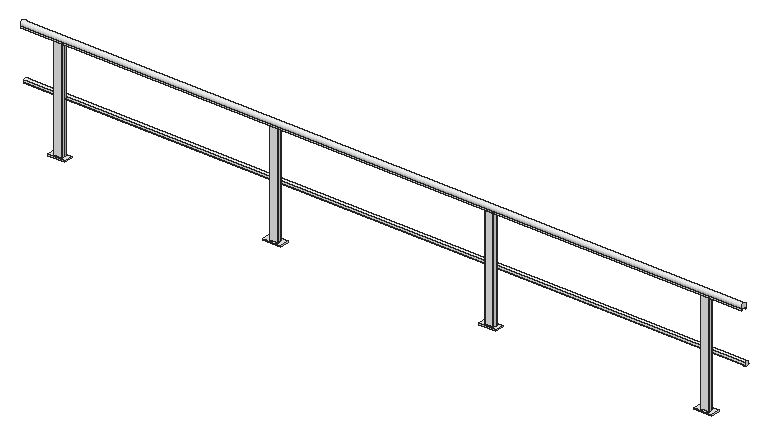
Revit family "Guardrail_Kattsafe_TopMount_HeavyDuty", category Specialty Equipment, Revit 2025
Family settings
  Round Connector Dimension = Use Diameter
  Part Type = Normal
  OmniClass Number = 23.17.25.11
  Enable Cutting in Views = No
  Cut with Voids When Loaded = No
  Maintain Annotation Orientation = No
  Shared = No
  Room Calculation Point = No
Parameters (values of type "Type 1")
  Uniclass2015Version = "Products v1.23"
  Uniclass2015Title = "Aluminium handrails"
  Uniclass2015Code = "Pr_25_30_36_03"
  URL = "https://kattsafe.com.au/"
  Type IFC Predefined Type = "GUARDRAIL"
  Type Comments = "Guardrail - Top Mount - Heavy Duty"
  SafetyDisclaimer [instance] = "WARNING! The correct placement of access, fall protection and facade maintenance systems is critical to ensure it is fit-for-purpose and safe for the operator to use. Did you know Kattsafe® have a dedicated team of Height Safety System Design Specialists? Kattsafe® provide one-on-one consultation and system design assistance to ensure you are meeting the stringent requirements of height safety and to give you PEACE OF MIND with your project."  # constant formula
  RailClosureBendEnd2 [instance] = no
  RailClosureBendEnd1 [instance] = no
  PostsSingleOption [instance] = if(and(([built-in parameter 1001306] - 80 mm - (PostsOffsetLength * 2)) < 1 mm, ([built-in parameter 1001306] - 80 mm) > 1999 mm), 1 > 0, 1 < 0)  # no
  PostsActualNumberOf [instance] = PostsOffsetLengthCalc3  # 4
  PostsOffsetLengthCalc3 [instance] = if(PostsOffsetLengthCalc > PostsOffsetLengthCalc2, rounddown(PostsOffsetLengthCalc2), PostsOffsetLengthCalc)  # 4
  PostsOffsetLengthCalc2 [instance] = (PostsOverallLength / PostsMaxSpacingLength) + 2  # 4.96
  PostsOffsetLengthCalc [instance] = (PostsOverallLength / PostsMaxSpacingLength) + 2  # 5
  PostsNumberOfCalc3 [instance] = if(and(PostsNumberOfCalc > PostsNumberOfCalc2, PostsOverallLength > PostsMaxSpacingLength * 2), rounddown(PostsNumberOfCalc2), if(PostsOverallLength < (PostsMaxSpacingLength * 2) + 1 mm, 2, PostsNumberOfCalc))  # 2
  PostsNumberOfCalc2 [instance] = (PostsOverallLength / PostsMaxSpacingLength)  # 2.96
  PostsNumberOfCalc [instance] = (PostsOverallLength / PostsMaxSpacingLength)  # 3
  PostsMaxSpacingLength = 2000 mm  # constant formula
  PostsHeight = if(1 = 1, ManufacturerOverallHeightCalc - 42 mm, 0 mm)  # 958 mm
  PostsArrayOption [instance] = if(([built-in parameter 1001306] - 80 mm - (PostsOffsetLength * 2)) < 1 mm, 1 < 0, 1 > 0)  # yes
  PostsOverallLength [instance] = if(1 = 1, [built-in parameter 1001306] - 80 mm, 0 mm)  # 5920 mm
  Material = Aluminum_Kattsafe_Satin
  ManufacturerOverallHeightCalc = if(ManufacturerOverallHeight > 1000 mm, 1000 mm, if(ManufacturerOverallHeight < 900 mm, 900 mm, ManufacturerOverallHeight))  # 1000 mm
  KneerailOffsetHeightCalc2 [instance] = if(KneerailOffsetHeight > 450 mm, 450 mm, KneerailOffsetHeight)  # 435 mm
  KneerailOffsetHeightCalc [instance] = if(or(RailClosureBendEnd1, RailClosureBendEnd2), 435 mm, KneerailOffsetHeightCalc2)  # 435 mm
  KneerailOffsetHeight [instance] = 435 mm
  PostsOffsetLength [instance] = PostsOverallLength / (PostsOffsetLengthCalc3 - 1)  # 1973.333 mm
  KneerailEnd2OverhangLengthCalc [instance] = if(RailClosureBendEnd2, 200 mm, HandrailEnd2OverhangLengthCalc + KneerailOffsetLengthEnd2)  # 300 mm
  KneerailOffsetLengthEnd2 [instance] = 0 mm
  KneerailEnd1OverhangLengthCalc [instance] = if(RailClosureBendEnd1, 200 mm, HandrailEnd1OverhangLengthCalc + KneerailOffsetLengthEnd1)  # 300 mm
  KneerailOffsetLengthEnd1 [instance] = 0 mm
  KneerailAngledOffsetHeight [instance] = KneerailOffsetHeightCalc + (-HandrailAngledOffsetHeight)  # 492 mm
  HandrailEnd2OverhangLengthCalc [instance] = if(RailClosureBendEnd2, 0 mm, HandrailOverhangLengthEnd2)  # 300 mm
  HandrailOverhangLengthEnd2 [instance] = 300 mm
  HandrailEnd1OverhangLengthCalc [instance] = if(RailClosureBendEnd1, 0 mm, HandrailOverhangLengthEnd1)  # 300 mm
  HandrailOverhangLengthEnd1 [instance] = 300 mm
  ModifiedIssue = 20240430
  Model = "GW1"
  ManufacturerURLProductSpecific = "https://kattsafe.com.au/products/guardrails-walkway/guardrail-and-walkway-gw"
  ManufacturerSpecCode = Model  # "GW1"
  ManufacturerOverallWidth = 80 mm  # constant formula
  ManufacturerOverallLength [instance] = [built-in parameter 1001306]  # 6000 mm
  ManufacturerOverallHeight = 1000 mm
  Manufacturer = "Kattsafe®"  # constant formula
  built-in parameter 1001306 [instance] = 6000 mm
  IfcExportType = "GUARDRAIL"
  IfcExportAs = "IfcRailing"
  HandrailClosureAngledOffsetHeight = -532 mm  # constant formula
  HandrailAngledOffsetHeight = -57 mm  # constant formula
  GuardrailHeight = ManufacturerOverallHeightCalc  # 1000 mm
  Export Type to IFC As = "IfcRailing"
  Description = "Kattsafe guardrail systems are the preferred method of safe access across roofs and areas close to a fall edge. The system requires no specialist PPE, personnel or training to safely prevent a fall with a walkway to designate a safe path of access across the roof surface."  # constant formula
  Default Elevation = 0 mm
  CreatedBy = "IGS BIM Solutions"  # constant formula
  CreatedByURL = "https://igsgroup.com.au"
  Assembly Code = "E1090100"
Reference planes
  plane 1 "Post_Back_Calc": y = -21
  plane 2 "Bottom": z = 0
  plane 3 "Left": x = 0
  plane 4 "Right": x = 6000
  plane 5 "Top": z = 1000
  plane 6 "Front": y = -80
  plane 7 "Post_Back": y = -21
  plane 8 "Post_Centre (Front/Back)": y = -40
  plane 9 "Kneerail_Top": z = 508
  plane 10 "Handrail_Bottom": z = 943
  plane 11 "Post_Array_Left": x = 2013.333
  plane 12 "Post_Array_Right": x = 3986.667
  plane 13 "Center (Left/Right)": x = 3000
  plane 14 "Post_Left_Centre (Left/Right)": x = 40
  plane 15 "Kneerail_Left": x = -300
  plane 16 "Post_Left": x = 0
  plane 17 "Handrail_Left": x = -300
  plane 18 "Post_Right_Centre (Left/Right)": x = 5960
  plane 19 "Kneerail_Right": x = 6300
  plane 20 "Post_Right": x = 6000
  plane 21 "Handrail_Right": x = 6300
  plane 22 "Post_Front": y = -59
  plane 23 "Left_Calc": x = 0
  plane 24 "Right_Calc": x = 6000
  plane 25 "Back": y = 0
Lines and regions (mm)
  reference lines
    curve 1: line (0, -21, 0) -> (6000, -21, 0)
    curve 2: line (0, -21, 0) -> (0.961, -21, 0)
    curve 3: line (6000, -21, 0) -> (5998.961, -21, 0)
    curve 4: line (0, -59, 0) -> (0, -59, 1000)
Text (mm)
  text "Disclaimer:\nDue to ongoing product development and manufacturing \nevolution, product details are subject to change without \nnotice. Please refer to product technical data sheets on \nthe manufacturers website for the most current product \ninformation. Please allow a +/- 5mm manufacturing \ntolerance for dimensions and set-outs shown in product \nliterature." at (10123.265, 2704.9, 0), in view "Ref. Level"
Dimensions and locks
  "built-in parameter 1001306": plane 3 "Left" to plane 4 "Right"
  "ManufacturerOverallHeightCalc": plane 5 "Top" to plane 2 "Bottom"
  "KneerailOffsetHeightCalc": plane 10 "Handrail_Bottom" to plane 9 "Kneerail_Top"
  "PostsOffsetLength": plane 12 "Post_Array_Right" to plane 18 "Post_Right_Centre (Left/Right)"
  locked: plane 5 "Top" to plane 10 "Handrail_Bottom" at 57
  "PostsOffsetLength": plane 14 "Post_Left_Centre (Left/Right)" to plane 11 "Post_Array_Left"
  locked: plane 16 "Post_Left" to plane 14 "Post_Left_Centre (Left/Right)" at 40
  locked: plane 23 "Left_Calc" to plane 16 "Post_Left" at 0
  "HandrailEnd1OverhangLengthCalc": plane 17 "Handrail_Left" to plane 16 "Post_Left"
  "KneerailEnd1OverhangLengthCalc": plane 15 "Kneerail_Left" to plane 16 "Post_Left"
  locked: plane 20 "Post_Right" to plane 18 "Post_Right_Centre (Left/Right)" at 40
  equal spacing: plane 3 "Left", plane 13 "Center (Left/Right)", plane 4 "Right"
  locked: plane 20 "Post_Right" to plane 24 "Right_Calc" at 0
  "KneerailEnd2OverhangLengthCalc": plane 20 "Post_Right" to plane 19 "Kneerail_Right"
  "HandrailEnd2OverhangLengthCalc": plane 20 "Post_Right" to plane 21 "Handrail_Right"
  locked: curve 4 to nested 4 at 19
  locked: curve 4 to nested 5 at 38
  locked: curve 4 to nested 6 at 19
  locked: plane 3 "Left" to plane 23 "Left_Calc"
  locked: plane 24 "Right_Calc" to plane 4 "Right"
  locked: plane 22 "Post_Front" to plane 7 "Post_Back" at 38
  group 1 to group 2 = 1973.333 mm
  group 1 to group 2 = 0 mm  (x2)
  equal spacing: plane 22 "Post_Front", plane 8 "Post_Centre (Front/Back)", plane 7 "Post_Back"
  locked: plane 1 "Post_Back_Calc" to plane 7 "Post_Back" at 0
  "ManufacturerOverallWidth": plane 6 "Front" to plane 25 "Back"
  plane 6 "Front" to plane 22 "Post_Front" = 21 mm
  aligned and locked: plane 4 "Right" to curve 1
  aligned and locked: plane 1 "Post_Back_Calc" to curve 1
  aligned and locked: plane 3 "Left" to curve 1
  aligned and locked: level to plane 2 "Bottom"
  aligned and locked: plane 4 "Right" to curve 3
  aligned and locked: plane 2 "Bottom" to nested 1
  aligned and locked: plane 2 "Bottom" to nested 2
  aligned and locked: plane 2 "Bottom" to curve 4
  aligned and locked: plane 22 "Post_Front" to curve 4
  aligned and locked: nested 6 to plane 17 "Handrail_Left"
  aligned and locked: plane 17 "Handrail_Left" to nested 4
  aligned and locked: plane 15 "Kneerail_Left" to nested 5
  aligned and locked: plane 19 "Kneerail_Right" to nested 5
  aligned and locked: plane 21 "Handrail_Right" to nested 4
  aligned and locked: plane 21 "Handrail_Right" to nested 7
  aligned and locked: plane 18 "Post_Right_Centre (Left/Right)" to nested 2
  aligned and locked: nested 3 to plane 11 "Post_Array_Left"
  aligned and locked: nested 1 to plane 14 "Post_Left_Centre (Left/Right)"
  aligned and locked: nested 8 to plane 11 "Post_Array_Left"
  aligned and locked: plane 2 "Bottom" to nested 8
  aligned and locked: nested 9 to plane 12 "Post_Array_Right"
  aligned and locked: plane 8 "Post_Centre (Front/Back)" to nested 1
  aligned and locked: plane 8 "Post_Centre (Front/Back)" to nested 8
  aligned and locked: plane 8 "Post_Centre (Front/Back)" to nested 3
  aligned and locked: plane 8 "Post_Centre (Front/Back)" to nested 9
  aligned and locked: plane 8 "Post_Centre (Front/Back)" to nested 2
Automatic sketch dimensions
  plane 3 "Left" to curve 2 = 0.961 mm
  curve 3 to plane 4 "Right" = 1.039 mm
  curve 2 to plane 3 "Left" = 0 mm
  plane 1 "Post_Back_Calc" to curve 3 = 0 mm
  plane 1 "Post_Back_Calc" to curve 2 = 0 mm
  curve 4 to plane 5 "Top" = 0 mm
Nested families
  nested 1: "z_Guardrail_TopMount_Kattsafe_Post_HeavyDuty" at (14.215, -59, 0) x (-1, 0, 0) z (0, 0, 1), ManufacturerOverallHeight <- "PostsHeight", Material <- "Material", type "GW352T"
    with Material Aluminum_Kattsafe_Satin, ManufacturerOverallHeight 958 mm, ManufacturerOverallDepth 80 mm
  nested 2: "z_Guardrail_TopMount_Kattsafe_Post_HeavyDuty" at (5934.215, -59, 0) x (-1, 0, 0) z (0, 0, 1), ManufacturerOverallHeight <- "PostsHeight", Material <- "Material", type "GW352T"
    with Material Aluminum_Kattsafe_Satin, ManufacturerOverallHeight 958 mm, ManufacturerOverallDepth 80 mm
  nested 3: "z_Guardrail_TopMount_Kattsafe_Post_HeavyDuty" at (1987.549, -59, 0) x (-1, 0, 0) z (0, 0, 1), ManufacturerOverallHeight <- "PostsHeight", visible <- "PostsSingleOption", Material <- "Material", type "GW352T"
    with Material Aluminum_Kattsafe_Satin, ManufacturerOverallHeight 958 mm, ManufacturerOverallDepth 80 mm
  nested 4: "z_Guardrail_Kattsafe_HandrailTube" at (-274.215, -40, 943), built-in parameter 1001364 <- "HandrailAngledOffsetHeight", Material <- "Material", type "GW374"
    with Material Aluminum_Kattsafe_Satin, ManufacturerOverallLength 6600 mm
  nested 5: "z_Guardrail_Kattsafe_KneerailTube" at (-274.215, -3.85, 508) x (1, 0, 0) z (0, 0, -1), built-in parameter 1001364 <- "KneerailAngledOffsetHeight", Material <- "Material", type "GW375"
    with Material Aluminum_Kattsafe_Satin, ManufacturerOverallLength 6600 mm
  nested 6: "z_Guardrail_Kattsafe_HandrailClosureBend" at (-674.215, -40, 468), built-in parameter 1001364 <- "HandrailClosureAngledOffsetHeight", visible <- "RailClosureBendEnd1", Material <- "Material", type "GW387"
    with Material Aluminum_Kattsafe_Satin, ManufacturerOverallLength 400 mm
  nested 7: "z_Guardrail_Kattsafe_HandrailClosureBend" at (6674.215, -40, 468) x (-1, 0, 0) z (0, 0, 1), built-in parameter 1001364 <- "HandrailClosureAngledOffsetHeight", visible <- "RailClosureBendEnd2", Material <- "Material", type "GW387"
    with Material Aluminum_Kattsafe_Satin, ManufacturerOverallLength 400 mm
  nested 8: "z_Guardrail_TopMount_Kattsafe_Post_HeavyDuty" at (1987.549, -59, 0) x (-1, 0, 0) z (0, 0, 1), ManufacturerOverallHeight <- "PostsHeight", visible <- "PostsArrayOption", Material <- "Material", type "GW352T"
    with Material Aluminum_Kattsafe_Satin, ManufacturerOverallHeight 958 mm, ManufacturerOverallDepth 80 mm
  nested 9: "z_Guardrail_TopMount_Kattsafe_Post_HeavyDuty" at (3960.882, -59, 0) x (-1, 0, 0) z (0, 0, 1), ManufacturerOverallHeight <- "PostsHeight", visible <- "PostsArrayOption", Material <- "Material", type "GW352T"
    with Material Aluminum_Kattsafe_Satin, ManufacturerOverallHeight 958 mm, ManufacturerOverallDepth 80 mm
Definition of nested family "z_Guardrail_TopMount_Kattsafe_Post_HeavyDuty"
  Parameters (values of type "GW352T")
    URL = "https://kattsafe.com.au/"
    Type Comments = ""
    ModifiedIssue = 20191004
    Model = "GW352T"
    Material [instance] = none
    ManufacturerURLProductSpecific = ""
    ManufacturerSpecCode = Model  # "GW352T"
    ManufacturerOverallWidth = 160 mm  # constant formula
    ManufacturerOverallHeight [instance] = 970 mm
    ManufacturerOverallDepth [instance] = 80 mm  # constant formula
    Manufacturer = "SAYFA"  # constant formula
    Keynote = ""
    Description = "Sentry Top Mount Guardrail Post (Heavy Duty)"
    Default Elevation = 0 mm  # constant formula
    CreatedBy = "IGS BIM Solutions"  # constant formula
    CreatedByURL = "https://igsgroup.com.au"
  Reference planes
    plane 1 "Bottom": z = 0
    plane 2 "Post_Back": y = 0
    plane 3 "Post_Front": y = -38
    plane 4 "Center (Left/Right)": x = -25.785
    plane 5 "Top": z = 970
    plane 6 "Post_Right": x = 14.215
    plane 7 "Post_Left": x = -65.785
    plane 8 "Front": y = -59
    plane 9 "Post_Centre (Front/Back)": y = -19
    plane 10 "Left": x = -105.785
    plane 11 "Right": x = 54.215
    plane 12 "Back": y = 21
  Forms (mm)
    Extrusion 1, solid, material <- "Material"
      sketch origin (0, 0, 0) x (1, 0, 0) y (0, 1, 0)
        loop
          arc (-60.785, 0) -> (-64.32, -1.464) -> (-65.785, -5) r 5
          line (-65.785, -5) -> (-65.785, -33)
          arc (-65.785, -33) -> (-64.32, -36.536) -> (-60.785, -38) r 5
          line (-60.785, -38) -> (9.215, -38)
          arc (9.215, -38) -> (12.751, -36.536) -> (14.215, -33) r 5
          line (14.215, -33) -> (14.215, -5)
          arc (14.215, -5) -> (12.751, -1.464) -> (9.215, 0) r 5
          line (9.215, 0) -> (-60.785, 0)
      from 0 to 970
    Extrusion 2, solid, material <- "Material"
      sketch origin (0, 0, 0) x (1, 0, 0) y (0, 1, 0)
        loop
          line (-105.785, 21) -> (-105.785, -59) -> (54.215, -59) -> (54.215, 21) -> (-105.785, 21)
      from 0 to 11
  Cuts and joins
    joined: Extrusion 1, Extrusion 2
  Dimensions and locks
    "ManufacturerOverallHeight": plane 5 "Top" to plane 1 "Bottom"
    locked: plane 7 "Post_Left" to plane 6 "Post_Right" at 80
    "ManufacturerOverallDepth": plane 12 "Back" to plane 8 "Front"
    equal spacing: plane 7 "Post_Left", plane 4 "Center (Left/Right)", plane 6 "Post_Right"
    equal spacing: plane 3 "Post_Front", plane 9 "Post_Centre (Front/Back)", plane 2 "Post_Back"
    equal spacing: plane 10 "Left", plane 4 "Center (Left/Right)", plane 11 "Right"
    "ManufacturerOverallWidth": plane 10 "Left" to plane 11 "Right"
    locked: plane 2 "Post_Back" to plane 3 "Post_Front" at 38
    equal spacing: plane 12 "Back", plane 9 "Post_Centre (Front/Back)", plane 8 "Front"
    radius of Extrusion 1 sketch curve = 5 mm  (x4)
    aligned and locked: level to plane 1 "Bottom"
    aligned and locked: plane 7 "Post_Left" to Extrusion 1 sketch curve
    aligned and locked: plane 6 "Post_Right" to Extrusion 1 sketch curve
    aligned and locked: plane 2 "Post_Back" to Extrusion 1 sketch curve
    aligned and locked: plane 3 "Post_Front" to Extrusion 1 sketch curve
    aligned and locked: Extrusion 1 to plane 1 "Bottom"
    aligned and locked: Extrusion 1 to plane 5 "Top"
    aligned and locked: cut or joined group of Extrusion 1, Extrusion 2 to plane 10 "Left"
    aligned and locked: cut or joined group of Extrusion 1, Extrusion 2 to plane 11 "Right"
    aligned and locked: cut or joined group of Extrusion 1, Extrusion 2 to plane 8 "Front"
    aligned and locked: plane 12 "Back" to cut or joined group of Extrusion 1, Extrusion 2
  Automatic sketch dimensions
    Extrusion 2 sketch curve to plane 3 "Post_Front" = 21 mm
    Extrusion 2 sketch curve to plane 10 "Left" = 0 mm
    Extrusion 2 sketch curve to plane 11 "Right" = 0 mm
    Extrusion 2 sketch curve to plane 2 "Post_Back" = 21 mm
Definition of nested family "z_Guardrail_Kattsafe_HandrailTube"
  Parameters (values of type "GW374")
    URL = "https://kattsafe.com.au/"
    Type Comments = ""
    ModifiedIssue = 20190911
    Model = "GW374"
    Material [instance] = none
    ManufacturerURLProductSpecific = ""
    ManufacturerSpecCode = Model  # "GW374"
    ManufacturerOverallWidth = 50 mm  # constant formula
    ManufacturerOverallLength [instance] = 6000 mm
    ManufacturerOverallHeight = 57 mm  # constant formula
    Manufacturer = "SAYFA"  # constant formula
    Keynote = ""
    Description = "Sentry Handrail Tube"
    Default Elevation = 0 mm  # constant formula
    CreatedBy = "IGS BIM Solutions"  # constant formula
    CreatedByURL = "https://igsgroup.com.au"
  Reference planes
    plane 1 "Bottom": z = 0
    plane 2 "Center (Front/Back)": y = 0
    plane 3 "Front": y = -25
    plane 4 "Left": x = -25.785
    plane 5 "Center (Left/Right)": x = 2974.215
    plane 6 "Top": z = 57
    plane 7 "Right": x = 5974.215
    plane 8 "Back": y = 25
    plane 9 "Rail_Top": z = 15
  Forms (mm)
    Extrusion 1, solid, material <- "Material"
      sketch origin (-25.785, 0, 0) x (0, 1, 0) y (0, 0, 1)
        loop
          arc (21, 18.435) -> (0, 57) -> (-21, 18.435) r 25
          line (-21, 18.435) -> (-21, 0) -> (-20, 0) -> (-20, 15) -> (20, 15) -> (20, 0) -> (21, 0) -> (21, 18.435)
      from 0 to 6000
  Dimensions and locks
    "ManufacturerOverallWidth": plane 8 "Back" to plane 3 "Front"
    "ManufacturerOverallHeight": plane 6 "Top" to plane 1 "Bottom"
    equal spacing: plane 4 "Left", plane 5 "Center (Left/Right)", plane 7 "Right"
    "ManufacturerOverallLength": plane 4 "Left" to plane 7 "Right"
    equal spacing: plane 8 "Back", plane 2 "Center (Front/Back)", plane 3 "Front"
    locked: plane 9 "Rail_Top" to plane 1 "Bottom" at 15
    aligned and locked: plane 1 "Bottom" to level
    aligned and locked: Extrusion 1 sketch curve to plane 1 "Bottom"  (x2)
    aligned and locked: Extrusion 1 to plane 4 "Left"
    aligned and locked: Extrusion 1 to plane 7 "Right"
  Automatic sketch dimensions
    Extrusion 1 sketch curve to plane 2 "Center (Front/Back)" = 0 mm
    Extrusion 1 sketch curve to Extrusion 1 sketch curve = 3.435 mm
    Extrusion 1 sketch curve to plane 9 "Rail_Top" = 3.435 mm
    Extrusion 1 sketch curve to Extrusion 1 sketch curve = 1 mm  (x2)
    plane 3 "Front" to Extrusion 1 sketch curve = 5 mm
    Extrusion 1 sketch curve to plane 9 "Rail_Top" = 17 mm
    plane 9 "Rail_Top" to Extrusion 1 sketch curve = 0 mm
Definition of nested family "z_Guardrail_Kattsafe_KneerailTube"
  Parameters (values of type "GW375")
    URL = "https://kattsafe.com.au/"
    Type Comments = ""
    ModifiedIssue = 20190911
    Model = "GW375"
    Material [instance] = none
    ManufacturerURLProductSpecific = ""
    ManufacturerSpecCode = Model  # "GW375"
    ManufacturerOverallWidth = 34.3 mm  # constant formula
    ManufacturerOverallLength [instance] = 6000 mm
    ManufacturerOverallHeight = 40 mm  # constant formula
    Manufacturer = "SAYFA"  # constant formula
    Keynote = ""
    Description = "Sentry Kneerail Tube"
    Default Elevation = 0 mm  # constant formula
    CreatedBy = "IGS BIM Solutions"  # constant formula
    CreatedByURL = "https://igsgroup.com.au"
  Reference planes
    plane 1 "Bottom": z = 0
    plane 2 "Center (Front/Back)": y = 1.438
    plane 3 "Front": y = -17.15
    plane 4 "Left": x = -25.785
    plane 5 "Center (Left/Right)": x = 2974.215
    plane 6 "Top": z = 40
    plane 7 "Right": x = 5974.215
    plane 8 "Back": y = 17.15
    plane 9 "Center (Elevation)": z = 20
  Forms (mm)
    Extrusion 1, solid, material <- "Material"
      sketch origin (2974.215, 0, 0) x (0, 1, 0) y (0, 0, -1)
        loop
          line (17.15, -32.374) -> (17.15, -7.626)
          arc (17.15, -7.626) -> (-1.443, -0.208) -> (-17.15, -12.617) r 20
          line (-17.15, -12.617) -> (-13.15, -12.617) -> (-13.15, -27.383) -> (-17.15, -27.383)
          arc (-17.15, -27.383) -> (-1.443, -39.792) -> (17.15, -32.374) r 20
      from -3000 to 3000
  Dimensions and locks
    "ManufacturerOverallWidth": plane 8 "Back" to plane 3 "Front"
    "ManufacturerOverallHeight": plane 6 "Top" to plane 1 "Bottom"
    equal spacing: plane 4 "Left", plane 5 "Center (Left/Right)", plane 7 "Right"
    "ManufacturerOverallLength": plane 4 "Left" to plane 7 "Right"
    equal spacing: plane 6 "Top", plane 9 "Center (Elevation)", plane 1 "Bottom"
    aligned and locked: plane 1 "Bottom" to level
    aligned and locked: Extrusion 1 to plane 7 "Right"
    aligned and locked: Extrusion 1 to plane 4 "Left"
  Automatic sketch dimensions
    Extrusion 1 sketch curve to Extrusion 1 sketch curve = 0 mm  (x2)
    Extrusion 1 sketch curve to plane 3 "Front" = 0 mm  (x2)
    Extrusion 1 sketch curve to plane 2 "Center (Front/Back)" = 0 mm
    Extrusion 1 sketch curve to plane 8 "Back" = 0 mm
    plane 9 "Center (Elevation)" to Extrusion 1 sketch curve = 0 mm
    Extrusion 1 sketch curve to Extrusion 1 sketch curve = 4 mm
    Extrusion 1 sketch curve to plane 9 "Center (Elevation)" = 7.383 mm
    plane 9 "Center (Elevation)" to Extrusion 1 sketch curve = 7.383 mm
Definition of nested family "z_Guardrail_Kattsafe_HandrailClosureBend"
  Parameters (values of type "GW387")
    URL = "https://kattsafe.com.au/"
    Type Comments = ""
    ModifiedIssue = 20190917
    Model = "GW387"
    Material [instance] = none
    ManufacturerURLProductSpecific = ""
    ManufacturerSpecCode = Model  # "GW387"
    ManufacturerOverallWidth = 50 mm  # constant formula
    ManufacturerOverallLength [instance] = 400 mm  # constant formula
    ManufacturerOverallHeight = 532 mm  # constant formula
    Manufacturer = "SAYFA"  # constant formula
    Keynote = ""
    Description = "Handrail Closure Bend"
    Default Elevation = 0 mm  # constant formula
    CreatedBy = "IGS BIM Solutions"  # constant formula
    CreatedByURL = "https://igsgroup.com.au"
  Reference planes
    plane 1 "Bottom": z = 0
    plane 2 "Center (Front/Back)": y = 0
    plane 3 "Front": y = -25
    plane 4 "Left": x = -25.785
    plane 5 "Center (Left/Right)": x = 174.215
    plane 6 "Top": z = 532
    plane 7 "Right": x = 374.215
    plane 8 "Handrail_Back": y = 25
    plane 9 "Kneerail_Centre (Front/Back)": y = 34.7
    plane 10 "Kneerail_Centre (Elevation)": z = 20
    plane 11 "Handrail_Centre (Elevation)": z = 507
    plane 12 "Back": y = 59.69
  Forms (mm)
    Sweep 1, solid, material <- "Material"
      path origin (0, 36.034, 1.282) x (1, 0, 0) y (0, -0.071072, 0.997471)
        loop
          line (374.215, 532) -> (74.215, 532)
          arc (74.215, 532) -> (3.505, 502.711) -> (-25.785, 432) r 100
          line (-25.785, 432) -> (-25.785, 93.9)
          arc (-25.785, 93.9) -> (3.505, 23.189) -> (74.215, -6.1) r 100
          line (74.215, -6.1) -> (164.215, -6.1)
      profile origin (224.215, -1.777, 531.937) x (0, 0.071072, -0.997471) y (0, -0.997471, -0.071072)
        loop
          circle (25, 0) r 25
    SweptBlend 2, solid, material <- "Material"
      path origin (0, 34.7, 0) x (-1, 0, 0) y (0, 0, 1)
        loop
          line (-164.215, 20) -> (-174.215, 20)
      profile origin (164.215, 34.7, 20) x (0, 0, 1) y (0, -1, 0)
        loop
          circle (0, 0) r 25
      end profile origin (174.215, 34.7, 20) x (0, 0, 1) y (0, -1, 0)
        loop
          circle (0, 0) r 20
  Lines and regions (mm)
    symbolic lines
      curve 1: circle (374.215, 34.7, 20) r 25 normal (1, 0, 0)
  Dimensions and locks
    "ManufacturerOverallWidth": plane 8 "Handrail_Back" to plane 3 "Front"
    "ManufacturerOverallHeight": plane 6 "Top" to plane 1 "Bottom"
    equal spacing: plane 4 "Left", plane 5 "Center (Left/Right)", plane 7 "Right"
    "ManufacturerOverallLength": plane 4 "Left" to plane 7 "Right"
    equal spacing: plane 8 "Handrail_Back", plane 2 "Center (Front/Back)", plane 3 "Front"
    locked: plane 2 "Center (Front/Back)" to plane 9 "Kneerail_Centre (Front/Back)" at 34.7
    locked: profile plane to Sweep 1 sketch curve at 25
    Sweep 1 sketch curve to plane 5 "Center (Left/Right)" = 10 mm
    locked: plane 12 "Back" to plane 3 "Front" at 84.69
    radius of Sweep 1 sketch curve = 100 mm  (x2)
    radius of SweptBlend 2 sketch curve = 25 mm
    radius of SweptBlend 2 sketch curve = 20 mm
    aligned and locked: plane 1 "Bottom" to level
    aligned and locked: Sweep 1 sketch curve to plane 4 "Left"
    aligned and locked: profile plane to Sweep 1 sketch curve
    aligned and locked: plane 10 "Kneerail_Centre (Elevation)" to SweptBlend 2 sketch curve
    aligned and locked: profile plane to SweptBlend 2 sketch curve  (x4)
  Automatic sketch dimensions
    curve 1 to plane 9 "Kneerail_Centre (Front/Back)" = 0 mm
    plane 10 "Kneerail_Centre (Elevation)" to curve 1 = 0 mm
    Sweep 1 sketch curve to plane 7 "Right" = 0 mm
    Sweep 1 sketch curve to Sweep 1 sketch curve = 338.1 mm
    plane 5 "Center (Left/Right)" to SweptBlend 2 sketch curve = 0 mm
    SweptBlend 2 sketch curve to plane 5 "Center (Left/Right)" = 10 mm
    radius of curve 1 = 25 mm
    radius of Sweep 1 sketch curve = 25 mm
